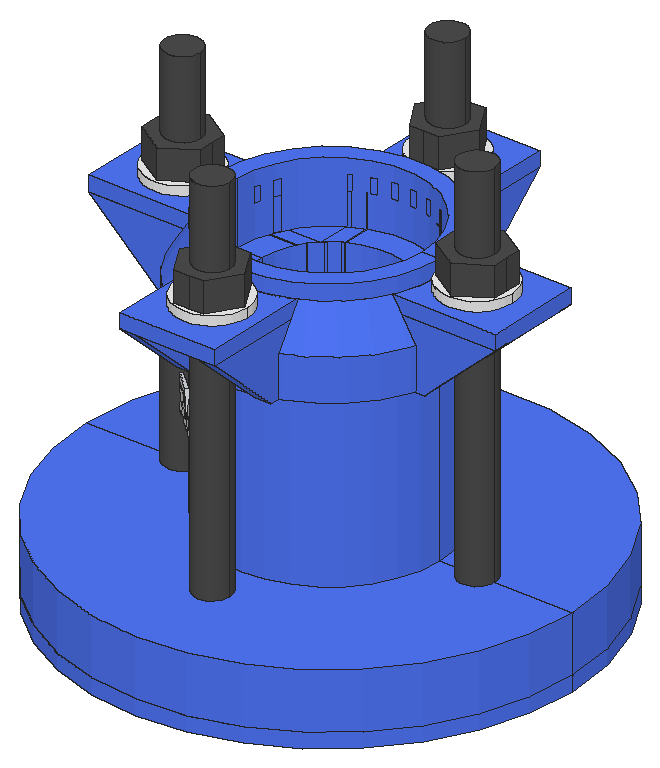
Revit family "603-A-6100-DN40-200", category Pipe Accessories, Revit 2019
Family settings
  Round Connector Dimension = Use Diameter
  Part Type = Valve - Breaks Into
  Work Plane-Based = No
  Always vertical = Yes
  Cut with Voids When Loaded = No
  Shared = No
Parameters (values of type "603-063-000-4100_DN040/50")
  Washer_ref = size_lookup(Search_table, "Washer_ref", 0 mm, [Nomianal_Diameter(DN)])  # 109 mm
  Washer = 3 mm  # constant formula
  URL product pages = "https://www.avkvalves.com/P.aspx?no=6030630006100"
  Search_table = "603-A-6100-DN40-200"
  Rib_width = size_lookup(Search_table, "Rib_width", 0 mm, [Nomianal_Diameter(DN)])  # 130 mm
  Rib_length = 32 mm  # constant formula
  Rib_Thickness = 5 mm  # constant formula
  PCD = size_lookup(Search_table, "PCD", 0 mm, [Nomianal_Diameter(DN)])  # 100 mm
  Nut = 10 mm  # constant formula
  Length = size_lookup(Search_table, "Length", 0 mm, [Nomianal_Diameter(DN)])  # 99 mm
  L2 = size_lookup(Search_table, "L2", 0 mm, [Nomianal_Diameter(DN)])  # 145 mm
  L1 = size_lookup(Search_table, "L1", 0 mm, [Nomianal_Diameter(DN)])  # 47 mm
  L3 = size_lookup(Search_table, "L3", 0 mm, [Nomianal_Diameter(DN)]) - Bottom_Flange_Thicckness  # 79 mm
  L = size_lookup(Search_table, "L", 0 mm, [Nomianal_Diameter(DN)])  # 164 mm
  ID = [Nomianal_Diameter(DN)] / 2  # 20 mm
  Nomianal_Diameter(DN) = 40 mm
  H1 = size_lookup(Search_table, "H1", 0 mm, [Nomianal_Diameter(DN)])  # 32 mm
  Description_ = "AVK UNIVERSAL SUPA® FLANGE ADAPTOR"
  DN2_ref = DN2 * 2  # 46 mm
  DN200_218 - 242 = "603-242-000-6100"
  DN200_193 - 215 = "603-215-000-6100"
  DN2 = size_lookup(Search_table, "DN2", 0 mm, [Nomianal_Diameter(DN)]) / 2  # 23 mm
  DN1_ref = DN1 * 2  # 63 mm
  DN150_176 - 201 = "603-201-000-6100"
  DN150_ 157 -183 = "603-183-000-6100"
  DN125/150_132 - 157 = "603-157-000-6100"
  DN100_99 - 119 = "603-119-000-6100"
  DN100_109 - 133 = "603-133-000-6100"
  DN100/125_109 - 133 = "603-133-001-6100"
  DN1 = size_lookup(Search_table, "DN1", 0 mm, [Nomianal_Diameter(DN)]) / 2  # 31.5 mm
  DN080_84 - 106 = "603-106-000-6100"
  DN080/100_84 - 106 = "603-106-001-6100"
  DN050/65_57 - 74 = "603-074-001-6100"
  DN050/65_ 68 - 85 = "603-085-000-6100"
  DN050_57 - 74 = "603-074-000-6100"
  DN040/50_ 46 - 63 = "603-063-000-6100"
  D4 = (PCD / 2) + Bottom_Flange_Thicckness  # 69 mm
  D3 = size_lookup(Search_table, "D3", 0 mm, [Nomianal_Diameter(DN)])  # 45 mm
  D2 = size_lookup(Search_table, "D2", 0 mm, [Nomianal_Diameter(DN)]) / 2  # 37.5 mm
  D = size_lookup(Search_table, "D", 0 mm, [Nomianal_Diameter(DN)]) / 2  # 82.5 mm
  Bottom_Flange_Thicckness_2 = Bottom_Flange_Thicckness / 2  # 9.5 mm
  Bottom_Flange_Thicckness = L - L2  # 19 mm
  Bottm_height = size_lookup(Search_table, "Bottm_height", 0 mm, [Nomianal_Diameter(DN)])  # 7 mm
  Bottm_cut = size_lookup(Search_table, "Bottm_cut", 0 mm, [Nomianal_Diameter(DN)]) / 2  # 27.5 mm
  Bolt_width = 20 mm  # constant formula
  Bolt_ref = size_lookup(Search_table, "Bolt_ref", 0 mm, [Nomianal_Diameter(DN)])  # 119 mm
Types (15, lengths in mm): name | Washer_ref | Rib_width | PCD | Length | L2 | L1 | L3 | L | ID | Nomianal_Diameter(DN) | H1 | Description_ | DN2_ref | DN2 | DN1_ref | DN1 | DN050/65_ 68 - 85 | D4 | D3 | D2 | D | Bottom_Flange_Thicckness_2 | Bottom_Flange_Thicckness | Bottm_height | Bottm_cut | Bolt_ref
  (no name) | 109 | 130 | 100 | 99 | 145 | 47 | 79 | 164 | 20 | 40 | 32 | "AVK UNIVERSAL SUPA® FLANGE ADAPTOR" | 46 | 23 | 63 | 31.5 | "603-085-000-6100" | 69 | 45 | 37.5 | 82.5 | 9.5 | 19 | 7 | 27.5 | 119
  603-063-000-4100_DN040/50 | 109 | 130 | 100 | 99 | 145 | 47 | 79 | 164 | 20 | 40 | 32 | "AVK UNIVERSAL SUPA® FLANGE ADAPTOR" | 46 | 23 | 63 | 31.5 | "603-085-000-6100" | 69 | 45 | 37.5 | 82.5 | 9.5 | 19 | 7 | 27.5 | 119
  603-074-001-4100_DN050/60/65 | 109 | 174 | 136 | 99 | 145 | 47 | 79 | 164 | 25.05 | 50.1 | 32 | "AVK UNIVERSAL SUPA® FLANGE ADAPTOR\r\nAVK UNIVERSAL SUPA® FLANGE ADAPTOR" | 57 | 28.5 | 74 | 37 | "603-085-000-6100" | 87 | 56 | 46.5 | 92.5 | 9.5 | 19 | 7 | 49 | 119
  603-074-000-4100_DN050 | 109 | 174 | 136 | 99 | 145 | 47 | 79 | 164 | 25 | 50 | 32 | "AVK UNIVERSAL SUPA® FLANGE ADAPTOR" | 57 | 28.5 | 74 | 37 | "603-085-000-6100" | 87 | 56 | 46.5 | 86 | 9.5 | 19 | 7 | 49 | 119
  603-085-000-4100_DN050/60/65 | 109 | 174 | 136 | 99 | 145 | 47 | 79 | 164 | 32.6 | 65.2 | 32 | "AVK UNIVERSAL SUPA® FLANGE ADAPTOR" | 68 | 34 | 85 | 42.5 | "603-085-000-6100" | 87 | 60 | 50 | 92.5 | 9.5 | 19 | 7 | 49 | 119
  603-106-001-4100_DN080/100 | 112 | 213 | 165 | 100 | 145 | 47 | 81 | 164 | 40.15 | 80.3 | 33 | "AVK UNIVERSAL SUPA® FLANGE ADAPTOR" | 84 | 42 | 106 | 53 | "603-085-000-6100" | 101.5 | 75.6 | 63 | 114.5 | 9.5 | 19 | 7 | 66.5 | 122
  603-106-000-4100_DN080 | 117 | 213 | 165 | 99 | 145 | 47 | 86 | 159 | 40.05 | 80.1 | 33 | "AVK UNIVERSAL SUPA® FLANGE ADAPTOR" | 84 | 42 | 106 | 53 | "603-085-000-6100" | 96.5 | 75.6 | 63 | 100 | 7 | 14 | 7 | 66.5 | 127
  603-119-000-4100_DN100 | 117 | 226 | 185 | 99 | 145 | 47 | 86 | 159 | 50 | 100 | 33 | "AVK UNIVERSAL SUPA® FLANGE ADAPTOR" | 99 | 49.5 | 119 | 59.5 | "603-085-001-6100" | 106.5 | 82.8 | 69 | 114.5 | 7 | 14 | 7 | 76.5 | 127
  603-133-000-4100_DN100 | 117 | 226 | 185 | 159 | 145 | 47 | 87 | 159 | 50.1 | 100.2 | 33 | "AVK UNIVERSAL SUPA® FLANGE ADAPTOR" | 109 | 54.5 | 133 | 66.5 | "603-085-000-6100" | 106.5 | 90 | 75 | 114.5 | 7 | 14 | 7 | 76.5 | 127
  603-133-001-4100_DN100/125 | 113 | 226 | 185 | 99 | 145 | 47 | 82 | 164 | 50.15 | 100.3 | 33 | "AVK UNIVERSAL SUPA® FLANGE ADAPTOR" | 109 | 54.5 | 133 | 66.5 | "603-085-000-6100" | 111.5 | 90 | 75 | 127 | 9.5 | 19 | 7 | 76.5 | 123
  603-157-000-4100_DN125/150 | 129 | 270 | 230 | 116 | 170 | 58 | 97 | 184 | 62.6 | 125.2 | 34 | "AVK UNIVERSAL SUPA® FLANGE ADAPTOR" | 132 | 66 | 157 | 78.5 | "603-085-000-6100" | 129 | 106.2 | 88.5 | 142.5 | 7 | 14 | 7 | 87.5 | 139
  603-183-000-4100_DN150 | 128 | 298 | 250 | 116 | 170 | 52 | 95 | 184 | 75.05 | 150.1 | 35 | "AVK UNIVERSAL SUPA® FLANGE ADAPTOR" | 157 | 78.5 | 183 | 91.5 | "603-085-000-6100" | 139 | 126 | 105 | 142.5 | 7 | 14 | 7 | 104.5 | 138
  603-201-000-4100_DN150 | 131 | 298 | 260 | 116 | 170 | 53 | 98 | 184 | 75.1 | 150.2 | 35 | "AVK UNIVERSAL SUPA® FLANGE ADAPTOR" | 176 | 88 | 201 | 100.5 | "603-085-000-6100" | 144 | 126 | 105 | 142.5 | 7 | 14 | 7 | 104.5 | 141
  603-215-000-4100_DN200 | 138 | 326 | 300 | 117 | 170 | 53 | 105 | 182 | 100.05 | 200.1 | 35 | "AVK UNIVERSAL SUPA® FLANGE ADAPTOR" | 193 | 96.5 | 215 | 107.5 | "603-085-000-6100" | 162 | 143.4 | 119.5 | 171.5 | 6 | 12 | 5 | 132 | 148
  603-242-000-4100_DN200 | 138 | 326 | 300 | 117 | 170 | 53 | 105 | 182 | 100.1 | 200.2 | 35 | "AVK UNIVERSAL SUPA® FLANGE ADAPTOR" | 218 | 109 | 242 | 121 | "603-085-000-6100" | 162 | 141 | 130 | 171.5 | 6 | 12 | 5 | 132 | 148
Reference planes
  plane 1 "Center (Front/Back)": y = 0
  plane 2: z = 0
  plane 3 "Center (Left/Right)": x = 0
  plane 4: z = 159
  plane 5: y = -11
  plane 6: y = 11
  plane 7: x = 11
  plane 8: x = -11
  plane 9: x = -50
  plane 10: x = 50
  plane 11: y = 50
  plane 12: y = -50
  plane 13: x = -40
  plane 14: x = -60
  plane 15: y = 11.187
  plane 16: y = -11.187
  plane 17: y = 5
  plane 18: y = 5
  plane 19: y = -5
  plane 20: y = -5
  plane 21: x = 0
  plane 22: x = 0
  plane 23: y = -40
  plane 24: y = -60
  plane 25: x = -5
  plane 26: x = 5
  plane 27: x = 5
  plane 28: x = -5
  plane 29: x = 11
  plane 30: x = -11
  plane 31: y = 50
  plane 32: y = 60
  plane 33: y = 40
  plane 34: x = -5
  plane 35: x = 5
  plane 36: x = 11
  plane 37: x = -11
  plane 38: x = 11
  plane 39: x = -11
  plane 40: x = 50
  plane 41: x = 60
  plane 42: x = 40
  plane 43: y = 11.187
  plane 44: y = -11.187
  plane 45: y = 5
  plane 46: y = 5
  plane 47: y = -5
  plane 48: y = -5
  plane 49: y = 11.187
  plane 50: y = -11.187
  plane 51: x = 64.5
  plane 52: x = -64.5
  plane 53: y = 64.5
  plane 54: y = -64.5
  plane 55: x = 50
  plane 56: x = -50
  plane 57: x = 53
  plane 58: z = -1.012
  plane 59: y = 50
  plane 60: y = -50
  plane 61: y = -50
  plane 62: y = 50
  plane 63: z = -19
  plane 64: x = -82.5
  plane 65: x = 82.5
  plane 66: x = -50
  plane 67: x = -53
  plane 68: z = -1.012
  plane 69: x = 50
  plane 70: x = -69
  plane 71: x = 69
  plane 72: y = 69
  plane 73: y = -69
Forms (mm)
  Revolve 1, solid, material "Plastic"
    sketch origin (0, 0, 0) x (1, 0, 0) y (0, 0, 1)
      loop
        line (0, 0) -> (82.5, 0) -> (82.5, 19) -> (37.5, 19) -> (37.5, 79) -> (45, 79) -> (45, 93) -> (37.5, 106) -> (37.5, 111) -> (0, 111) -> (0, 0)
      axis (0, 0) -> (0, 111)
    angle from 0 to 360
  Extrusion 2, solid, material "Plastic"
    sketch origin (0, 0, 0) x (1, 0, 0) y (0, 0, 1)
      loop
        line (-16, 106) -> (-16, 101) -> (16, 101) -> (16, 106) -> (-16, 106)
    from -69 to 69
  Extrusion 3, solid, material "Plastic"
    sketch origin (0, 0, 0) x (0, 1, 0) y (0, 0, 1)
      loop
        line (16, 106) -> (-16, 106) -> (-16, 101) -> (16, 101) -> (16, 106)
    from -69 to 69
  Extrusion 4, solid, material "Stainless Steel AISI 304"
    sketch origin (0, 0, 0) x (1, 0, 0) y (0, 1, 0)
      loop
        circle (0, 50) r 6
      loop
        circle (0, -50) r 6
      loop
        circle (-50, 0) r 6
      loop
        circle (50, 0) r 6
    from 19 to 145
  Extrusion 5, solid, material "Plastic"
    sketch origin (0, 0, 0) x (1, 0, 0) y (0, 0, 1)
      loop
        line (-45, 79) -> (0, 79) -> (45, 79) -> (69, 101) -> (0, 101) -> (-69, 101) -> (-45, 79)
    from 11 to 16
  Extrusion 6, solid, material "Plastic"
    sketch origin (0, 0, 0) x (1, 0, 0) y (0, 0, 1)
      loop
        line (45, 79) -> (69, 101) -> (-69, 101) -> (-45, 79) -> (45, 79)
    from -16 to -11
  Extrusion 7, solid, material "Plastic"
    sketch origin (0, 0, 0) x (0, 1, 0) y (0, 0, 1)
      loop
        line (69, 101) -> (-69, 101) -> (-45, 79) -> (45, 79) -> (69, 101)
    from 11 to 16
  Extrusion 8, solid, material "Plastic"
    sketch origin (0, 0, 0) x (0, 1, 0) y (0, 0, 1)
      loop
        line (45, 79) -> (69, 101) -> (-69, 101) -> (-45, 79) -> (0, 79) -> (45, 79)
    from -16 to -11
  Extrusion 9, solid, material "Stainless Steel AISI 304"
    sketch origin (0, 0, 0) x (1, 0, 0) y (0, 1, 0)
      loop
        line (-60, 0) -> (-60, -5) -> (-50, -11.187) -> (-40, -5) -> (-40, 0) -> (-40, 5) -> (-50, 11.187) -> (-60, 5) -> (-60, 0)
      loop
        line (0, -40) -> (-5, -40) -> (-11, -50) -> (-5, -60) -> (0, -60) -> (5, -60) -> (11, -50) -> (5, -40) -> (0, -40)
      loop
        line (0, 60) -> (-5, 60) -> (-11, 50) -> (-5, 40) -> (0, 40) -> (5, 40) -> (11, 50) -> (5, 60) -> (0, 60)
      loop
        line (40, 0) -> (40, -5) -> (50, -11.187) -> (60, -5) -> (60, 0) -> (60, 5) -> (50, 11.187) -> (40, 5) -> (40, 0)
    from 109 to 119
  Extrusion 10, solid, material "Stainless Steel AISI 304(1)"
    sketch origin (0, 0, 0) x (1, 0, 0) y (0, 1, 0)
      loop
        circle (0, 50) r 11.994
      loop
        circle (50, 0) r 11.966
      loop
        circle (-50, 0) r 11.97
      loop
        circle (0, -50) r 12
    from 106 to 109
  Revolve 11, solid, material "Plastic"
    sketch origin (0, 0, 0) x (1, 0, 0) y (0, 0, 1)
      loop
        line (23, 0) -> (23, -19) -> (27.5, -19) -> (27.5, 0) -> (23, 0)
      axis (0, -19) -> (0, 0)
    angle from 0 to 360
  Revolve 12, void
    sketch origin (0, 0, 0) x (1, 0, 0) y (0, 0, 1)
      loop
        line (0, 111) -> (0, -19) -> (23, -19) -> (23, 90) -> (31.5, 90) -> (31.5, 111) -> (0, 111)
      axis (0, -19) -> (0, 111)
    angle from 0 to 360
  Revolve 13, solid, material "Stainless Steel AISI 304"
    sketch origin (0, 0, 0) x (-1, 0, 0) y (0, 0, 1)
      loop
        line (-50, 0) -> (-50, -2.588)
        arc (-50, -2.588) -> (-44.988, -2.385) -> (-40, -1.862) r 78.744
        line (-40, -1.862) -> (-40, 0) -> (-50, 0)
      axis (-50, -2.588) -> (-50, 0)
    angle from 0 to 360
  Revolve 14, solid, material "Stainless Steel AISI 304"
    sketch origin (0, 0, 0) x (0, 1, 0) y (0, 0, 1)
      loop
        line (50, 0) -> (40, 0) -> (40, -2.023)
        arc (40, -2.023) -> (44.984, -2.671) -> (50, -3) r 78.7
        line (50, -3) -> (50, 0)
      axis (50, -3) -> (50, 0)
    angle from 0 to 360
  Revolve 15, solid, material "Stainless Steel AISI 304"
    sketch origin (0, 0, 0) x (0, -1, 0) y (0, 0, 1)
      loop
        line (50, 0) -> (40, 0) -> (40, -2.023)
        arc (40, -2.023) -> (44.984, -2.671) -> (50, -3) r 78.7
        line (50, -3) -> (50, 0)
      axis (50, -3) -> (50, 0)
    angle from 0 to 360
  Revolve 16, solid, material "Stainless Steel AISI 304"
    sketch origin (0, 0, 0) x (1, 0, 0) y (0, 0, 1)
      loop
        line (-50, 0) -> (-50, -2.588)
        arc (-50, -2.588) -> (-44.988, -2.385) -> (-40, -1.862) r 78.744
        line (-40, -1.862) -> (-40, 0) -> (-50, 0)
      axis (-50, -2.588) -> (-50, 0)
    angle from 0 to 360
  Revolve 17, solid, material "Plastic(2)"
    sketch origin (0, 0, 0) x (1, 0, 0) y (0, 0, 1)
      loop
        line (82.5, 0) -> (77.5, 0) -> (77.5, -5) -> (82.5, -5) -> (82.5, 0)
      axis (0, -5) -> (0, 0)
    angle from 0 to 360
Cuts and joins
  Revolve 12 cuts Revolve 1
  Revolve 12 cuts Extrusion 2
  Revolve 12 cuts Extrusion 3
  Revolve 12 cuts Extrusion 5
  Revolve 12 cuts Extrusion 6
  Revolve 12 cuts Extrusion 7
  Revolve 12 cuts Extrusion 8
  Revolve 12 cuts Revolve 11
Dimensions and locks
  "D": Revolve 1 sketch curve to plane 3 "Center (Left/Right)"
  "Bottom_Flange_Thicckness": Revolve 1 sketch curve to Revolve 1 sketch curve
  "L3": Revolve 1 sketch curve to Revolve 1 sketch curve
  "H1": Revolve 1 sketch curve to Revolve 1 sketch curve
  "D2": Revolve 1 sketch curve to Revolve 1 sketch curve  (x2)
  "D3": Revolve 1 sketch curve to Revolve 1 sketch curve
  equal spacing: Extrusion 2 sketch curve, plane 3 "Center (Left/Right)", Extrusion 2 sketch curve
  "Rib_length": Extrusion 2 sketch curve to Extrusion 2 sketch curve
  equal spacing: Extrusion 3 sketch curve, plane 1 "Center (Front/Back)", Extrusion 3 sketch curve
  "H1": Extrusion 3 sketch curve to Extrusion 3 sketch curve
  equal spacing: Extrusion 4 sketch curve, plane 3 "Center (Left/Right)", Extrusion 4 sketch curve
  equal spacing: Extrusion 4 sketch curve, plane 1 "Center (Front/Back)", Extrusion 4 sketch curve
  "PCD": Extrusion 4 sketch curve to Extrusion 4 sketch curve  (x2)
  "Rib_Thickness": Extrusion 3 sketch curve to Extrusion 3 sketch curve
  "Rib_Thickness": Extrusion 2 sketch curve to Extrusion 2 sketch curve
  equal spacing: Extrusion 5 sketch curve, plane 3 "Center (Left/Right)", Extrusion 5 sketch curve  (x2)
  "D3": plane 3 "Center (Left/Right)" to Extrusion 5 sketch curve
  "D4": plane 3 "Center (Left/Right)" to Extrusion 5 sketch curve
  "Rib_Thickness": plane 5 to Extrusion 3
  "Rib_Thickness": Extrusion 3 to plane 6
  equal spacing: Extrusion 7 sketch curve, plane 1 "Center (Front/Back)", Extrusion 7 sketch curve  (x2)
  "D3": Extrusion 7 sketch curve to plane 1 "Center (Front/Back)"
  "D4": Extrusion 7 sketch curve to plane 1 "Center (Front/Back)"
  "Rib_Thickness": Extrusion 2 to plane 7
  "Rib_Thickness": Extrusion 2 to plane 8
  equal spacing: plane 9, plane 3 "Center (Left/Right)", plane 10
  "PCD": plane 9 to plane 10
  equal spacing: plane 11, plane 1 "Center (Front/Back)", plane 12
  "PCD": plane 11 to plane 12
  equal spacing: plane 14, plane 9, plane 13
  equal spacing: plane 17, plane 1 "Center (Front/Back)", plane 19
  equal spacing: plane 25, plane 22, plane 26
  equal spacing: plane 23, plane 12, plane 24
  plane 25 to plane 26 = 10 mm
  "Bolt_width": plane 23 to plane 24
  plane 18 to plane 20 = 10 mm
  "Bolt_width": plane 14 to plane 13
  equal spacing: plane 34, plane 22, plane 35
  equal spacing: plane 33, plane 31, plane 32
  plane 34 to plane 35 = 10 mm
  "Bolt_width": plane 33 to plane 32
  equal spacing: plane 41, plane 40, plane 42
  equal spacing: plane 45, plane 1 "Center (Front/Back)", plane 47
  plane 46 to plane 48 = 10 mm
  "Bolt_width": plane 41 to plane 42
  equal spacing: Extrusion 10 sketch curve, plane 3 "Center (Left/Right)", Extrusion 10 sketch curve
  equal spacing: Extrusion 10 sketch curve, plane 1 "Center (Front/Back)", Extrusion 10 sketch curve
  "PCD": Extrusion 10 sketch curve to Extrusion 10 sketch curve  (x2)
  "DN2": Revolve 11 sketch curve to plane 3 "Center (Left/Right)"
  "Bottm_cut": Revolve 11 sketch curve to plane 3 "Center (Left/Right)"
  "Rib_Thickness": Revolve 1 sketch curve to Revolve 1 sketch curve
  "PCD": plane 56 to plane 55
  equal spacing: plane 55, plane 3 "Center (Left/Right)", plane 56
  equal spacing: plane 59, plane 1 "Center (Front/Back)", plane 60
  "PCD": plane 59 to plane 60
  "PCD": plane 61 to plane 62
  equal spacing: plane 62, plane 1 "Center (Front/Back)", plane 61
  "Bottom_Flange_Thicckness": cut or joined group of Revolve 1, Revolve 12 to plane 63
  cut or joined group of Revolve 1, Revolve 12 to cut or joined group of Revolve 11, Revolve 12 = 98 mm
  equal spacing: plane 65, plane 3 "Center (Left/Right)", plane 64
  plane 65 to plane 64 = 165 mm
  "D": plane 65 to plane 3 "Center (Left/Right)"
  "L2": Extrusion 4 to level
  "Washer_ref": Extrusion 10 to level
  "Bolt_ref": Extrusion 9 to level
  Extrusion 4 to cut or joined group of Revolve 11, Revolve 12 = 164 mm
  locked: Revolve 13 sketch curve to plane 55 at 10
  locked: Revolve 16 sketch curve to plane 66 at 10
  locked: plane 59 to Revolve 14 sketch curve at 10
  equal spacing: plane 69, plane 3 "Center (Left/Right)", plane 66
  "PCD": plane 69 to plane 66
  locked: cut or joined group of Revolve 1, Revolve 12 to Revolve 17 sketch curve at 5
  locked: Revolve 17 sketch curve to Revolve 17 sketch curve at 5
  "DN1": Revolve 12 sketch curve to plane 3 "Center (Left/Right)"
  "DN2": Revolve 12 sketch curve to plane 3 "Center (Left/Right)"
  equal spacing: plane 70, plane 3 "Center (Left/Right)", plane 71
  "D4": plane 70 to plane 3 "Center (Left/Right)"
  equal spacing: plane 72, plane 1 "Center (Front/Back)", plane 73
  "D4": plane 72 to plane 1 "Center (Front/Back)"
  radius of Extrusion 10 sketch curve = 11.994 mm
  radius of Extrusion 10 sketch curve = 11.97 mm
  radius of Extrusion 10 sketch curve = 11.966 mm
  radius of Extrusion 10 sketch curve = 12 mm
  aligned and locked: level to plane 2
  aligned and locked: Revolve 1 sketch curve to plane 3 "Center (Left/Right)"
  aligned and locked: Revolve 1 sketch curve to Revolve 1 sketch curve
  aligned and locked: Revolve 1 to Extrusion 2 sketch curve
  aligned and locked: Extrusion 2 to Extrusion 3 sketch curve
  aligned and locked: Revolve 1 to Extrusion 5 sketch curve
  aligned and locked: Extrusion 5 sketch curve to Extrusion 3
  aligned and locked: Extrusion 3 to Extrusion 5 sketch curve
  aligned and locked: Extrusion 5 sketch curve to Revolve 1
  aligned and locked: Extrusion 5 to Extrusion 3
  aligned and locked: Extrusion 5 to plane 5
  aligned and locked: Extrusion 6 sketch curve to Extrusion 5  (x3)
  aligned and locked: Extrusion 6 sketch curve to Revolve 1
  aligned and locked: Extrusion 3 to Extrusion 6
  aligned and locked: plane 6 to Extrusion 6
  aligned and locked: Extrusion 2 to Extrusion 7 sketch curve
  aligned and locked: Extrusion 7 sketch curve to Revolve 1
  aligned and locked: Extrusion 7 to Extrusion 2
  aligned and locked: Extrusion 7 to plane 7
  aligned and locked: Extrusion 8 sketch curve to Extrusion 7  (x2)
  aligned and locked: Extrusion 8 sketch curve to Revolve 1  (x2)
  aligned and locked: Extrusion 8 sketch curve to Extrusion 2
  aligned and locked: Extrusion 2 to Extrusion 8
  aligned and locked: plane 8 to Extrusion 8
  aligned and locked: Extrusion 9 sketch curve to plane 17
  aligned and locked: plane 13 to Extrusion 9 sketch curve  (x2)
  aligned and locked: plane 19 to Extrusion 9 sketch curve
  aligned and locked: plane 14 to Extrusion 9 sketch curve  (x2)
  aligned and locked: plane 20 to Extrusion 9 sketch curve
  aligned and locked: Extrusion 9 sketch curve to plane 18
  aligned and locked: plane 9 to Extrusion 9 sketch curve  (x2)
  aligned and locked: Extrusion 9 sketch curve to plane 15
  aligned and locked: plane 16 to Extrusion 9 sketch curve
  aligned and locked: Extrusion 9 sketch curve to plane 27
  aligned and locked: plane 23 to Extrusion 9 sketch curve  (x2)
  aligned and locked: plane 28 to Extrusion 9 sketch curve
  aligned and locked: Extrusion 9 sketch curve to plane 25
  aligned and locked: plane 24 to Extrusion 9 sketch curve  (x2)
  aligned and locked: plane 26 to Extrusion 9 sketch curve
  aligned and locked: Extrusion 9 sketch curve to plane 29
  aligned and locked: plane 12 to Extrusion 9 sketch curve  (x2)
  aligned and locked: plane 30 to Extrusion 9 sketch curve
  aligned and locked: plane 33 to Extrusion 9 sketch curve  (x2)
  aligned and locked: Extrusion 9 sketch curve to plane 35  (x2)
  aligned and locked: plane 34 to Extrusion 9 sketch curve  (x2)
  aligned and locked: plane 32 to Extrusion 9 sketch curve  (x2)
  aligned and locked: Extrusion 9 sketch curve to plane 39
  aligned and locked: plane 38 to Extrusion 9 sketch curve
  aligned and locked: plane 31 to Extrusion 9 sketch curve  (x2)
  aligned and locked: plane 42 to Extrusion 9 sketch curve  (x2)
  aligned and locked: plane 46 to Extrusion 9 sketch curve  (x2)
  aligned and locked: Extrusion 9 sketch curve to plane 48  (x2)
  aligned and locked: plane 41 to Extrusion 9 sketch curve  (x2)
  aligned and locked: Extrusion 9 sketch curve to plane 49
  aligned and locked: plane 40 to Extrusion 9 sketch curve  (x2)
  aligned and locked: plane 50 to Extrusion 9 sketch curve
  aligned and locked: plane 40 to plane 10
  aligned and locked: plane 31 to plane 11
  aligned and locked: plane 3 "Center (Left/Right)" to Revolve 11 sketch curve
  aligned and locked: Revolve 1 to Revolve 11
  aligned and locked: Extrusion 4 to Revolve 1
  aligned and locked: plane 3 "Center (Left/Right)" to Revolve 12 sketch curve
  aligned and locked: Revolve 12 sketch curve to Revolve 1
  aligned and locked: Revolve 12 sketch curve to Revolve 12 sketch curve
  aligned and locked: level to cut or joined group of Revolve 1, Revolve 12
  aligned and locked: Revolve 13 sketch curve to plane 55  (x2)
  aligned and locked: Revolve 14 sketch curve to cut or joined group of Revolve 1, Revolve 12
  aligned and locked: plane 59 to Revolve 14 sketch curve
  aligned and locked: Revolve 14 sketch curve to plane 59
  aligned and locked: Revolve 15 sketch curve to plane 61  (x2)
  aligned and locked: plane 63 to cut or joined group of Revolve 11, Revolve 12
  aligned and locked: Extrusion 10 to cut or joined group of Revolve 1, Revolve 12
  aligned and locked: Extrusion 9 to Extrusion 10
  aligned and locked: plane 66 to Revolve 16 sketch curve
  aligned and locked: Revolve 16 sketch curve to plane 66
  aligned and locked: Revolve 16 sketch curve to cut or joined group of Revolve 1, Revolve 12
  aligned and locked: cut or joined group of Revolve 1, Revolve 12 to Revolve 15 sketch curve
  aligned and locked: Revolve 17 sketch curve to cut or joined group of Revolve 1, Revolve 12
  aligned and locked: plane 65 to Revolve 17 sketch curve
  aligned and locked: plane 3 "Center (Left/Right)" to Revolve 17 sketch curve
  aligned and locked: plane 70 to cut or joined group of Extrusion 3, Revolve 12
  aligned and locked: cut or joined group of Extrusion 3, Revolve 12 to plane 71
  aligned and locked: plane 72 to Extrusion 2
  aligned and locked: Extrusion 2 to plane 73
Automatic sketch dimensions
  Extrusion 8 sketch curve to plane 1 "Center (Front/Back)" = 0 mm
  level to Revolve 17 sketch curve = 32.662 mm
  Revolve 17 sketch curve to Revolve 17 sketch curve = 35 mm
  Revolve 1 sketch curve to level = 0 mm
  Revolve 1 sketch curve to Revolve 1 sketch curve = 14 mm
  Revolve 1 sketch curve to plane 4 = 5.931 mm
  Revolve 1 sketch curve to Revolve 1 sketch curve = 0.201 mm
  Extrusion 4 sketch curve to plane 3 "Center (Left/Right)" = 0 mm  (x2)
  plane 1 "Center (Front/Back)" to Extrusion 4 sketch curve = 0 mm  (x2)
  Extrusion 5 sketch curve to plane 3 "Center (Left/Right)" = 0 mm  (x2)
  Extrusion 9 sketch curve to plane 3 "Center (Left/Right)" = 0 mm  (x4)
  plane 1 "Center (Front/Back)" to Extrusion 9 sketch curve = 0 mm  (x4)
  Extrusion 10 sketch curve to plane 3 "Center (Left/Right)" = 0 mm  (x2)
  plane 1 "Center (Front/Back)" to Extrusion 10 sketch curve = 0 mm  (x2)
  Revolve 11 sketch curve to plane 63 = 0 mm
  Revolve 11 sketch curve to level = 0 mm
  level to Revolve 11 sketch curve = 21.248 mm
  Revolve 11 sketch curve to Revolve 11 sketch curve = 16.264 mm
  Revolve 12 sketch curve to plane 63 = 0 mm
  Revolve 12 sketch curve to Revolve 12 sketch curve = 21 mm
  level to Revolve 12 sketch curve = 26.533 mm
  Revolve 12 sketch curve to Revolve 12 sketch curve = 8.467 mm
  Revolve 13 sketch curve to level = 0 mm
  plane 55 to Revolve 13 sketch curve = 0.693 mm
  plane 58 to Revolve 13 sketch curve = 0.85 mm
  level to Revolve 13 sketch curve = 2.588 mm
  plane 63 to Revolve 13 sketch curve = 0.648 mm
  Revolve 13 sketch curve to Revolve 13 sketch curve = 3.741 mm
  Revolve 14 sketch curve to plane 59 = 2.633 mm
  Revolve 14 sketch curve to Revolve 14 sketch curve = 2.023 mm
  Revolve 14 sketch curve to Revolve 14 sketch curve = 3 mm
  Revolve 14 sketch curve to plane 63 = 0.357 mm
  Revolve 14 sketch curve to Revolve 14 sketch curve = 3.881 mm
  level to Revolve 15 sketch curve = 2.023 mm
  Revolve 15 sketch curve to plane 61 = 10 mm
  plane 61 to Revolve 15 sketch curve = 2.633 mm
  Revolve 15 sketch curve to Revolve 15 sketch curve = 3 mm
  plane 63 to Revolve 15 sketch curve = 0.357 mm
  Revolve 15 sketch curve to Revolve 15 sketch curve = 3.881 mm
  Revolve 16 sketch curve to plane 66 = 0.693 mm
  Revolve 16 sketch curve to plane 68 = 0.85 mm
  Revolve 16 sketch curve to Revolve 16 sketch curve = 2.588 mm
  Revolve 16 sketch curve to plane 63 = 0.648 mm
  Revolve 16 sketch curve to Revolve 16 sketch curve = 3.741 mm
  radius of Extrusion 4 sketch curve = 6 mm  (x4)
Nested families
  nested 1: "Family3" at (-24.924, -28.018, 49) x (0.7472, -0.6646, 0) z (-0.6646, -0.7472, 0), type "Family3"
Connectors
  piping at (0, 0, 111), diameter 63, driven by "DN1_ref"
    settings: on Revolve 1, index 1, connector inside diameter 609.6 mm, connector length 0 mm, flow factor 0, pipe flow 0.0 L/s, pressure drop 0.0 Pa, fitting loss kfactor 0, connector angle 0.00°, fixture units 0, engagement length 0 mm, angle of deflection 0.00°, flow configuration 0, flow direction 0, fitting loss method 0, system type 7, joint type 0, gender type 0, connector reference index -1, connector utility 0, adjustable connector no, is connector primary yes, connector description ""
  piping at (0, 0, -19), diameter 46, driven by "DN2_ref"
    settings: on Revolve 11, index 2, connector inside diameter 609.6 mm, connector length 0 mm, flow factor 0, pipe flow 0.0 L/s, pressure drop 0.0 Pa, fitting loss kfactor 0, connector angle 0.00°, fixture units 0, engagement length 0 mm, angle of deflection 0.00°, flow configuration 0, flow direction 0, fitting loss method 0, system type 7, joint type 0, gender type 0, connector reference index -1, connector utility 0, adjustable connector no, is connector primary no, connector description ""
Definition of nested family "Family3"
  Parameters
    Default Elevation = 1219.2 mm
  Reference planes
    plane 1 "Center (Front/Back)": y = 0
    plane 2: z = 0
    plane 3 "Center (Left/Right)": x = 0
  Forms (mm)
    Extrusion 1, solid
      sketch origin (0, 0, 0) x (1, 0, 0) y (0, 1, 0)
        loop
          line (-1219.2, 1219.2) -> (-1219.2, -1219.2) -> (1219.2, -1219.2) -> (1219.2, 1219.2) -> (-1219.2, 1219.2)
      from 0 to -304.8
    Extrusion 2, solid
      sketch origin (0, 0, 0) x (1, 0, 0) y (0, 1, 0)
        loop
          line (-3.169, 11.12) -> (-11.676, 11.12) -> (-11.676, 8.812) -> (-4.751, 8.812) -> (-1.163, 0) -> (1.163, 0) -> (4.751, 8.812) -> (11.676, 8.812) -> (11.676, 11.12) -> (3.169, 11.12) -> (0, 3.336) -> (-3.169, 11.12)
        loop
          line (-5.349, 7.923) -> (-11.676, 7.923) -> (-11.676, 5.699) -> (-9.488, 5.699) -> (-11.676, 0) -> (-9.204, 0) -> (-8.735, 1.223) -> (-5.113, 1.223) -> (-4.615, 0) -> (-2.124, 0) -> (-5.349, 7.923)
        loop
          line (-8.162, 3.336) -> (-5.973, 3.336) -> (-7.1, 6.103) -> (-8.162, 3.336)
        loop
          line (2.124, 0) -> (4.615, 0) -> (5.883, 3.115) -> (8.231, 0) -> (11.12, 0) -> (8.465, 3.524)
          arc (8.465, 3.524) -> (9.743, 4.421) -> (10.64, 5.699) r 4.523
          line (10.64, 5.699) -> (11.676, 5.699) -> (11.676, 7.923) -> (9.452, 7.923)
          arc (9.452, 7.923) -> (8.641, 5.915) -> (6.664, 5.034) r 2.891
          line (6.664, 5.034) -> (7.84, 7.923) -> (5.349, 7.923) -> (2.124, 0)
      from 0 to 1
  Dimensions and locks
    aligned and locked: plane 2 to Extrusion 1
    aligned and locked: level to Extrusion 1
    aligned and locked: Extrusion 2 sketch curve to import instance  (x30)
    aligned and locked: plane 1 "Center (Front/Back)" to Extrusion 2 sketch curve  (x5)
